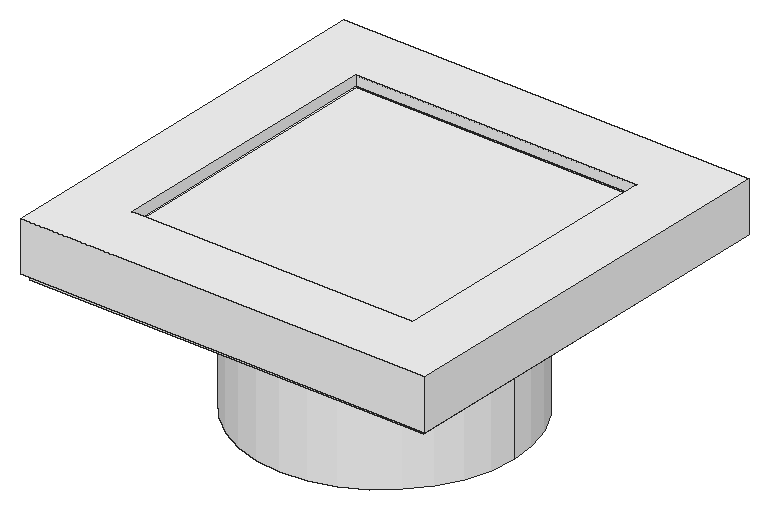
Revit family "Gira_291403", category Electrical Fixtures, host Face, Revit 2017
Family settings
  Host = Face
  Maintain Annotation Orientation = Yes
  Round Connector Dimension = Use Diameter
  Part Type = Normal
  Cut with Voids When Loaded = No
  Shared = No
  Room Calculation Point = No
Parameters (values of type "Emergency set System 55 p.white")
  White [instance] = White
  URL = "http://katalog.gira.de/en/datenblatt.html?artikelnr=291403"
  Suitable for bus connection = "2-wire"
  Suitable for = "Emergency call"
  Name = "Emergency set System 55 p.white"
  Model = "Sys55_Komplettgerät_Schalten und Tasten"
  Manufacturer URL = "https://www.gira.de/"
  Manufacturer = "Gira"
  HeinzeBIM = "https://bimportal.heinze.de/bim/emergency-set-system-55-p-white/36fc9ce704becdd2afb9563b4656725036937e8e"
  HAN = "291403"
  GTIN = "4010337067900"
  Description = "Emerg.set Sys55 PW,Emergency set,System 55,pure white glossy,Features:,- Call module with red LED signal light, integrated zero-voltage contact, optionally activated buzzer (continuous tone) and the option of setting either flashing light or continuous light.,- Pull-cord button with 2.5 m pull cord with red handle and reassurance light in button housing, suitable for wall or ceiling mounting.,- Switch-off button with integrated green button.,- Flush-mounted power supply unit 250 mA.,- As an option, the call set can be expanded with a duty room unit with an integrated sound generator for acoustic call signalling, a green presence button with presence light, and a yellow buzzer switch-off button.,,Notes :,- Use uninterruptible power supply for installation pursuant to DIN 0834.,- Individual components can be purchased later to extend the emergency sets."
  Default Elevation = 1219.2 mm
  Data sheet (1) = "https://katalog.gira.de/en/download.html?artikelnr=291403"
  Construction = "Wall model"
  Category = "Call-/control unit clinic-installation"
  Button function = "Activate/quit call"
  BIM (1) = "https://media.stage.bim.site/public/gira/36a6b08/Sys55_Komplettgerät_Schalten und Tasten.rfa?public/gira/36a6b08/Sys55_Komplettgerät_Schalten und Tasten.rfa"
  Available = "No"
Reference planes
  plane 1 "Center (Front/Back)": y = 0
  plane 2: z = 0
  plane 3 "Center (Left/Right)": x = 0
Forms (mm)
  Extrusion 1, solid, material "White" <- "White", detail levels medium
    sketch origin (0, 0, 0) x (1, 0, 0) y (0, 1, 0)
      loop
        line (-40.4, 40.4) -> (-40.4, -40.4) -> (40.4, -40.4) -> (40.4, 40.4) -> (-40.4, 40.4)
      loop
        line (-28, 28) -> (-28, -28) -> (28, -28) -> (28, 28) -> (-28, 28)
    from 0 to 10
  Extrusion 2, solid, material "White" <- "White", detail levels fine
    sketch origin (0, 0, 0) x (1, 0, 0) y (0, 1, 0)
      loop
        line (-40.4, 40.4) -> (-40.4, -40.4) -> (40.4, -40.4) -> (40.4, 40.4) -> (-40.4, 40.4)
      loop
        line (-28, 28) -> (-28, -28) -> (28, -28) -> (28, 28) -> (-28, 28)
    from 0 to 10
  Extrusion 3, void
    sketch origin (0, 0, 0) x (1, 0, 0) y (0, 1, 0)
      loop
        line (-38.4, 38.4) -> (-38.4, -38.4) -> (38.4, -38.4) -> (38.4, 38.4) -> (-38.4, 38.4)
    from 0 to 8
  Extrusion 4, solid, material "White" <- "White", detail levels medium+fine
    sketch origin (0, 0, 0) x (1, 0, 0) y (0, 1, 0)
      loop
        line (-39.4, 39.4) -> (-39.4, -39.4) -> (39.4, -39.4) -> (39.4, 39.4) -> (-39.4, 39.4)
    from 0 to -1
  Extrusion 5, solid, material "White" <- "White", detail levels medium+fine
    sketch origin (0, 0, 0) x (1, 0, 0) y (0, 1, 0)
      loop
        line (-35.5, 35.5) -> (-35.5, -35.5) -> (35.5, -35.5) -> (35.5, 35.5) -> (-35.5, 35.5)
    from -2 to -3
  Extrusion 6, solid, material "White" <- "White", detail levels medium+fine
    sketch origin (0, 0, 0) x (1, 0, 0) y (0, 1, 0)
      loop
        circle (0, 0) r 26
    from 0 to -27.5
  Extrusion 7, solid, material "White" <- "White", detail levels coarse
    sketch origin (0, 0, 0) x (1, 0, 0) y (0, 1, 0)
      loop
        line (-40.4, 40.4) -> (-40.4, -40.4) -> (40.4, -40.4) -> (40.4, 40.4) -> (-40.4, 40.4)
    from -27.5 to 10
Cuts and joins
  Extrusion 3 cuts Extrusion 2
Dimensions and locks
  aligned and locked: plane 2 to host face
  aligned and locked: level to host face
  aligned and locked: plane 3 "Center (Left/Right)" to nested 2
  aligned and locked: plane 1 "Center (Front/Back)" to nested 2
Nested families
  nested 1: "Sys55_Abdeckung_Schalten und Tasten_floor_base" at (0, 0, 0), type "Sys55_Abdeckung_Schalten und Tasten_floor_base"
  nested 2: "Schalter" at (0, 0, 0), type "Schalter"
Connectors
  electrical at (0, 0, -27.5)
    settings: on Extrusion 6, index 1, voltage 220 V, apparent load 0 VA, apparent load phase1 0 VA, apparent load phase2 0 VA, apparent load phase3 0 VA, power factor 1, load classification "Other", number of poles 1, system type 30, power factor state 1, is connector primary yes, connector utility no, sub classification motor no, connector description ""
Definition of nested family "Sys55_Abdeckung_Schalten und Tasten_floor_base"
  Parameters
    Default Elevation = 1219.2 mm
    White [instance] = none
  Reference planes
    plane 1 "Center (Front/Back)": y = 0
    plane 2: z = 0
    plane 3 "Center (Left/Right)": x = 0
  Forms (mm)
    Extrusion 1, solid
      sketch origin (0, 0, 0) x (1, 0, 0) y (0, 1, 0)
        loop
          line (-1219.2, 1219.2) -> (-1219.2, -1219.2) -> (1219.2, -1219.2) -> (1219.2, 1219.2) -> (-1219.2, 1219.2)
      from 0 to -304.8
    Extrusion 2, solid, material <- "White", detail levels fine
      sketch origin (0, 0, 0) x (1, 0, 0) y (0, 1, 0)
        loop
          line (-27.5, 27.5) -> (-27.5, -27.5) -> (27.5, -27.5) -> (27.5, 27.5) -> (-27.5, 27.5)
      from 0 to 8
    Extrusion 3, void
      sketch origin (0, 0, 0) x (1, 0, 0) y (0, 1, 0)
        loop
          line (26, 26) -> (-26, 26) -> (-26, -26) -> (26, -26) -> (26, 26)
      from 0 to 6
    Extrusion 4, solid, material <- "White", detail levels medium
      sketch origin (0, 0, 0) x (1, 0, 0) y (0, 1, 0)
        loop
          line (-27.5, 27.5) -> (-27.5, -27.5) -> (27.5, -27.5) -> (27.5, 27.5) -> (-27.5, 27.5)
      from 0 to 8
    Extrusion 5, solid, material <- "White", detail levels medium
      sketch origin (0, 0, 0) x (1, 0, 0) y (0, 1, 0)
        loop
          line (11, -17.5) -> (11, 17.5) -> (-11, 17.5) -> (-11, -17.5) -> (11, -17.5)
      from -6 to 6
    Extrusion 6, solid, material <- "White", detail levels fine
      sketch origin (0, 0, 0) x (1, 0, 0) y (0, 1, 0)
        loop
          line (11, 17.5) -> (-11, 17.5) -> (-11, 16.5) -> (11, 16.5) -> (11, 17.5)
        loop
          line (-11, -16.5) -> (-11, -17.5) -> (11, -17.5) -> (11, -16.5) -> (-11, -16.5)
      from -4 to 6
    Extrusion 7, solid, material <- "White", detail levels fine
      sketch origin (0, 0, 0) x (1, 0, 0) y (0, 1, 0)
        loop
          arc (5, 9.347) -> (0, 10.6) -> (-5, 9.347) r 10.6
          line (-5, 9.347) -> (-5, -9.347)
          arc (-5, -9.347) -> (0, -10.6) -> (5, -9.347) r 10.6
          line (5, -9.347) -> (5, 9.347)
      from -6 to 6
    Extrusion 8, solid, material <- "White", detail levels coarse
      sketch origin (0, 0, 0) x (1, 0, 0) y (0, 1, 0)
        loop
          line (-27.5, 27.5) -> (-27.5, -27.5) -> (27.5, -27.5) -> (27.5, 27.5) -> (-27.5, 27.5)
      from -6 to 8
  Cuts and joins
    Extrusion 3 cuts Extrusion 2
  Dimensions and locks
    aligned and locked: plane 2 to Extrusion 1
    aligned and locked: level to Extrusion 1
Definition of nested family "Schalter"
  Reference planes
    plane 1: y = 0
    plane 2: x = 0
  Lines and regions (mm)
    detail lines
      curve 1: circle (1.375, 2.778, 0) r 0.8 normal (0, 0, 1)
      curve 2: line (1.021, 2.061, 0) -> (0, 0, 0)
      curve 3: line (0, 0, 0) -> (-0.538, 0.266, 0)
  Dimensions and locks
    curve 2 to curve 2 = 2.3 mm
    curve 3 to curve 2 = 0.6 mm
    radius of curve 1 = 0.8 mm
